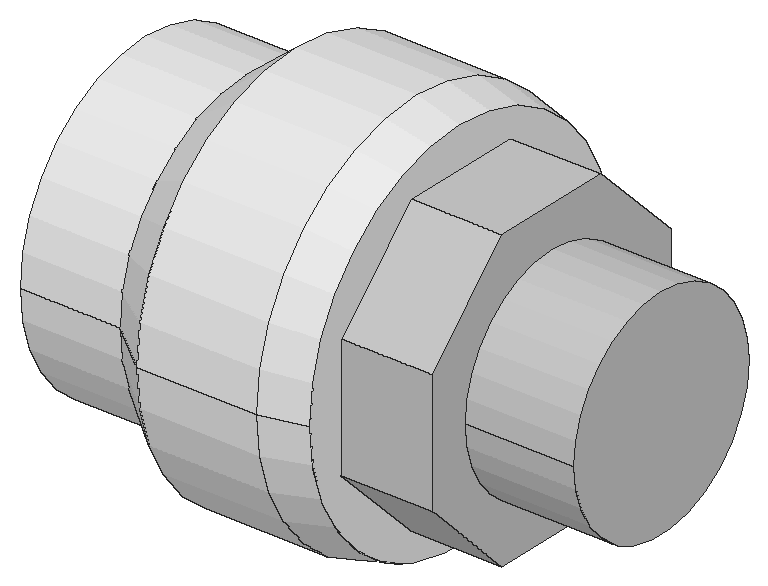
Revit family "PF_Переход [фитинг полипропиленовый под ключ с переходом на наружную резьбу VTp.707.0]1 - VALTEC", category Соединительные детали трубопроводов, Revit 2019
Family settings
  Размер круглого соединителя = Использовать диаметр
  Тип детали = Переход
  На основе рабочей плоскости = Нет
  Всегда вертикально = Да
  При загрузке вырезать с полостями = Нет
  Общий = Нет
Parameters (values of type "VTp.707.0")
  Таблица = "PF_Переход [фитинг полипропиленовый под ключ с переходом на наружную резьбу VTp.707.0] - VALTEC"  # constant formula
  built-in parameter 1114238 [instance] = (empty or 0)
  Материал доп.1 = Сталь, нержавеющая - VALTEC
  Manufacturer = ""
  y2 [instance] = size_lookup(Таблица, "y2", 0 mm, d1, d2)  # 20.25 mm
  y1 [instance] = size_lookup(Таблица, "y1", 0 mm, d1, d2)  # 35.25 mm
  l3 [instance] = size_lookup(Таблица, "l3", 0 mm, d1, d2)  # 0 mm
  l2 [instance] = size_lookup(Таблица, "l2", 0 mm, d1, d2)  # 15 mm
  l1 [instance] = size_lookup(Таблица, "l1", 0 mm, d1, d2)  # 0 mm
  x2 [instance] = if(dn1 < dn5, 1 mm, dn3)  # 1 mm
  dn7 [instance] = size_lookup(Таблица, "dn7", 0 mm, d1, d2)  # 29.8 mm
  dn6 [instance] = size_lookup(Таблица, "dn6", 0 mm, d1, d2)  # 40.7 mm
  dn5 [instance] = size_lookup(Таблица, "dn5", 0 mm, d1, d2)  # 51.5 mm
  dn4 [instance] = size_lookup(Таблица, "dn4", 0 mm, d1, d2)  # 54.5 mm
  dn3 [instance] = size_lookup(Таблица, "dn3", 0 mm, d1, d2)  # 54.5 mm
  dn2 [instance] = size_lookup(Таблица, "dn2", 0 mm, d1, d2)  # 43 mm
  x1 [instance] = if(dn1 < dn5, dn3, 1 mm)  # 54.5 mm
  dn1 [instance] = size_lookup(Таблица, "dn1", 0 mm, d1, d2)  # 43 mm
  d2 [instance] = 25 mm
  d1 [instance] = 32 mm
  a6 [instance] = size_lookup(Таблица, "a6", 0 mm, d1, d2)  # 15 mm
  a5 [instance] = size_lookup(Таблица, "a5", 0 mm, d1, d2)  # 12.5 mm
  a4 [instance] = size_lookup(Таблица, "a4", 0 mm, d1, d2)  # 6 mm
  a3 [instance] = size_lookup(Таблица, "a3", 0 mm, d1, d2)  # 16.5 mm
  a2 [instance] = size_lookup(Таблица, "a2", 0 mm, d1, d2)  # 6.9 mm
  a1 [instance] = size_lookup(Таблица, "a1", 0 mm, d1, d2)  # 13.6 mm
  URL = "https://valtec.ru/"
  B [instance] = size_lookup(Таблица, "B", 0 mm, d1, d2)  # 20.5 mm
  ADSK_Примечание [instance] = ""
  ADSK_Позиция [instance] = ""
  ADSK_Обозначение [instance] = "VTp.707.0"  # constant formula
  ADSK_Наименование [instance] = size_lookup(Таблица, "", "Данный типоразмер отсутствует", d1, d2)  # "Фитинг полипропиленовый под ключ с переходом на наружную резьбу, 32 мм х 1\""
  ADSK_Материал = Полипропилен - RGB 255 255 255
  ADSK_Масса [instance] = size_lookup(Таблица, "Масса", 0, d1, d2)  # 0.177
  ADSK_Марка [instance] = size_lookup(Таблица, "Маркировка", "Данный типоразмер отсутствует", d1, d2)  # "32х1\""
  ADSK_Код изделия [instance] = size_lookup(Таблица, "Код продукта", "Данный типоразмер отсутствует", d1, d2)  # "VTp.707.0.03206"
  ADSK_Завод-изготовитель [instance] = "VALTEC"  # constant formula
  ADSK_Единица измерения [instance] = "шт."  # constant formula
  ADSK_URL страницы изделия = "https://valtec.ru/catalog/sistemy_polipropilenovyh_truboprovodov/polipropilenovye_fitingi/fiting_polipropilenovyj_pod_klyuch_s_perehodom_na_narujnuyu_rezbu_vtp7070.html"
  ADSK_URL документации изделия = "https://valtec.ru/document/technical/VTp.700-fitingi-0419.pdf"
  A [instance] = size_lookup(Таблица, "A", 0 mm, d1, d2)  # 70.5 mm
Reference planes
  plane 1 "По центру (Вперед/Назад)": y = 0
  plane 2: z = 0
  plane 3 "По центру (Влево/Вправо)": x = 0
  plane 4: x = -35.25
  plane 5: x = 35.25
  plane 6: y = -27.25
  plane 7: y = 27.25
  plane 8: y = -0.5
  plane 9: y = 0.5
  plane 10: x = -35.25
  plane 11: x = -21.65
  plane 12: x = -14.75
  plane 13: x = 1.75
  plane 14: x = 7.75
  plane 15: x = 20.25
  plane 16: x = 7.75
  plane 17: x = 35.25
  plane 18: x = 20.25
  plane 19: x = -35.25
  plane 20: x = 20.25
Forms (mm)
  Blend 1, solid, material "Полипропилен - RGB 255 255 255" <- "ADSK_Материал", detail levels medium+fine
    base sketch origin (0, 0, 0) x (0, 1, 0) y (0, 0, 1)
      loop
        circle (0, 0) r 21.5
    top sketch origin (0, 0, 0) x (0, 1, 0) y (0, 0, 1)
      loop
        circle (0, 0) r 21.5
    from -35.25 to -21.65
  Blend 2, solid, material "Полипропилен - RGB 255 255 255" <- "ADSK_Материал", detail levels medium+fine
    base sketch origin (0, 0, 0) x (0, 1, 0) y (0, 0, 1)
      loop
        circle (0, 0) r 21.5
    top sketch origin (0, 0, 0) x (0, 1, 0) y (0, 0, 1)
      loop
        circle (0, 0) r 27.25
    from -21.65 to -14.75
  Blend 3, solid, material "Полипропилен - RGB 255 255 255" <- "ADSK_Материал", detail levels medium+fine
    base sketch origin (0, 0, 0) x (0, 1, 0) y (0, 0, 1)
      loop
        circle (0, 0) r 27.25
    top sketch origin (0, 0, 0) x (0, 1, 0) y (0, 0, 1)
      loop
        circle (0, 0) r 27.25
    from -14.75 to 1.75
  Blend 4, solid, material "Полипропилен - RGB 255 255 255" <- "ADSK_Материал", detail levels medium+fine
    base sketch origin (0, 0, 0) x (0, 1, 0) y (0, 0, 1)
      loop
        circle (0, 0) r 27.25
    top sketch origin (0, 0, 0) x (0, 1, 0) y (0, 0, 1)
      loop
        circle (0, 0) r 25.75
    from 1.75 to 7.75
  Extrusion 5, solid, material "Сталь, нержавеющая - VALTEC" <- "Материал доп.1", detail levels medium+fine
    sketch origin (0, 0, 0) x (0, 1, 0) y (0, 0, 1)
      loop
        circle (0, 0) r 14.9
    from 20.25 to 35.25
Cuts and joins
  joined: Blend 1, Blend 2, Blend 3, Blend 4
Lines and regions (mm)
  model lines, detail levels coarse
    curve 1: line (-35.25, 27.25, 0) -> (-35.25, -27.25, 0)
    curve 2: line (20.25, 0.5, 0) -> (20.25, -0.5, 0)
    curve 3: line (20.25, 0.5, 0) -> (-35.25, 27.25, 0)
    curve 4: line (-35.25, -27.25, 0) -> (20.25, -0.5, 0)
    curve 6: line (20.25, 0, 0) -> (35.25, 0, 0)
  reference lines
    curve 5: line (20.25, 0, 0) -> (-35.25, 0, 0)
Dimensions and locks
  equal spacing: plane 4, plane 3 "По центру (Влево/Вправо)", plane 5
  "A": plane 4 to plane 5
  equal spacing: plane 7, plane 1 "По центру (Вперед/Назад)", plane 6
  "x1": plane 7 to plane 6
  equal spacing: plane 8, plane 1 "По центру (Вперед/Назад)", plane 9
  "x2": plane 8 to plane 9
  "a1": plane 10 to plane 11
  "a2": plane 11 to plane 12
  "a3": plane 12 to plane 13
  "a4": plane 13 to plane 14
  "l1": plane 4 to plane 10
  "l2": plane 15 to plane 5
  "a5": plane 16 to plane 15
  "a6": plane 18 to plane 17
  "l3": plane 17 to plane 5
  "y1": plane 19 to plane 3 "По центру (Влево/Вправо)"
  "y2": plane 3 "По центру (Влево/Вправо)" to plane 20
  "dn1": diameter of Blend 1 sketch curve
  "dn2": diameter of Blend 1 sketch curve
  "dn2": diameter of Blend 2 sketch curve
  "dn3": diameter of Blend 2 sketch curve
  "dn3": diameter of Blend 3 sketch curve
  "dn4": diameter of Blend 3 sketch curve
  "dn4": diameter of Blend 4 sketch curve
  "dn5": diameter of Blend 4 sketch curve
  "dn7": diameter of Extrusion 5 sketch curve
  aligned and locked: level to plane 2
  aligned and locked: level to Blend 1 sketch curve  (x2)
  aligned and locked: plane 1 "По центру (Вперед/Назад)" to Blend 1 sketch curve  (x2)
  aligned and locked: plane 11 to Blend 1
  aligned and locked: Blend 1 to plane 10
  aligned and locked: level to Blend 2 sketch curve  (x2)
  aligned and locked: plane 1 "По центру (Вперед/Назад)" to Blend 2 sketch curve  (x2)
  aligned and locked: Blend 2 to plane 11
  aligned and locked: plane 12 to Blend 2
  aligned and locked: level to Blend 3 sketch curve  (x2)
  aligned and locked: plane 1 "По центру (Вперед/Назад)" to Blend 3 sketch curve  (x2)
  aligned and locked: Blend 3 to plane 12
  aligned and locked: plane 13 to Blend 3
  aligned and locked: level to Blend 4 sketch curve  (x2)
  aligned and locked: plane 1 "По центру (Вперед/Назад)" to Blend 4 sketch curve  (x2)
  aligned and locked: Blend 4 to plane 13
  aligned and locked: plane 14 to Blend 4
  aligned and locked: plane 7 to curve 3
  aligned and locked: plane 6 to curve 1
  aligned and locked: level to nested 1
  aligned and locked: nested 1 to plane 1 "По центру (Вперед/Назад)"
  aligned and locked: curve 5 to plane 1 "По центру (Вперед/Назад)"
  aligned and locked: plane 15 to nested 1
  aligned and locked: level to Extrusion 5 sketch curve
  aligned and locked: plane 1 "По центру (Вперед/Назад)" to Extrusion 5 sketch curve
  aligned and locked: Extrusion 5 to plane 18
  aligned and locked: plane 17 to Extrusion 5
  aligned and locked: plane 20 to curve 5
  aligned and locked: plane 19 to curve 5
  aligned and locked: plane 19 to curve 4
  aligned and locked: curve 1 to plane 19
  aligned and locked: plane 8 to curve 4
  aligned and locked: plane 20 to curve 4
  aligned and locked: plane 20 to curve 3
  aligned and locked: plane 9 to curve 3
  aligned and locked: plane 17 to curve 6
  aligned and locked: plane 18 to curve 6
  aligned and locked: plane 1 "По центру (Вперед/Назад)" to curve 6
Nested families
  nested 1: "Гайка - горизонталь" at (14, 0, 0) x (1, 0, 0) z (0, 0.9239, 0.3827), l <- "a5", d <- "dn6", ADSK_Материал <- "Материал доп.1", type "Гайка - горизонталь", detail levels medium+fine
    with l 12.5 mm, d 40.7 mm, ADSK_Материал Сталь, нержавеющая - VALTEC
Connectors
  piping at (-35.25, 0, 0), diameter 32, driven by "d1"
    settings: on curve 5, index 1, connector inside diameter 609.6 mm, connector length 0 mm, flow factor 0, pipe flow 0.0 L/s, pressure drop 0.0 Pa, fitting loss kfactor 0, connector angle 0.00°, fixture units 0, engagement length 0 mm, angle of deflection 0.00°, flow configuration 0, flow direction 0, fitting loss method 0, system type 28, joint type 0, gender type 0, connector reference index 2, connector utility 0, adjustable connector no, is connector primary yes, connector description ""
  piping at (20.25, 0, 0), diameter 25, driven by "d2"
    settings: on curve 5, index 2, connector inside diameter 609.6 mm, connector length 0 mm, flow factor 0, pipe flow 0.0 L/s, pressure drop 0.0 Pa, fitting loss kfactor 0, connector angle 0.00°, fixture units 0, engagement length 0 mm, angle of deflection 0.00°, flow configuration 0, flow direction 0, fitting loss method 0, system type 28, joint type 0, gender type 0, connector reference index 1, connector utility 0, adjustable connector no, is connector primary no, connector description ""
Definition of nested family "Гайка - горизонталь"
  Parameters (values of type "Гайка - горизонталь")
    d [instance] = 588.881 mm
    l [instance] = 637.4 mm
    ADSK_Материал [instance] = none
  Reference planes
    plane 1 "По центру (Вперед/Назад)": y = 0
    plane 2: z = 0
    plane 3 "По центру (Влево/Вправо)": x = 0
    plane 4: y = 318.7
    plane 5: y = -318.7
    plane 6: through (0, -912.519, 2972.425) normal (0, -0.9239, -0.3827)
    plane 7: through (0, -1234.338, 2979.956) normal (0, -0.9239, -0.3827)
    plane 8: through (0, -1556.157, 2987.486) normal (0, -0.9239, -0.3827)
    plane 9: through (0, 1234.338, 2979.956) normal (0, -0.9239, 0.3827)
    plane 10: through (0, -2420.114, 1321.144) normal (0, -0.3827, -0.9239)
    plane 11: through (0, -2532.792, 1049.117) normal (0, -0.3827, -0.9239)
    plane 12: through (0, -2645.469, 777.089) normal (0, -0.3827, -0.9239)
    plane 13: through (0, 2420.114, 1321.144) normal (0, -0.3827, 0.9239)
    plane 14: through (0, 2532.792, 1049.117) normal (0, -0.3827, 0.9239)
    plane 15: through (0, 2645.469, 777.089) normal (0, -0.3827, 0.9239)
    plane 16: through (0, 912.519, 2972.425) normal (0, -0.9239, 0.3827)
    plane 17: through (0, 1234.338, 2979.956) normal (0, -0.9239, 0.3827)
    plane 18: through (0, 1556.157, 2987.486) normal (0, -0.9239, 0.3827)
    plane 19: x = 318.7
    plane 20: x = -318.7
  Forms (mm)
    Extrusion 1, solid, material <- "ADSK_Материал"
      sketch origin (0, 0, 0) x (0, 1, 0) y (0, 0, 1)
        loop
          line (0, 318.7) -> (-225.355, 225.355) -> (-318.7, 0) -> (-225.355, -225.355) -> (0, -318.7) -> (225.355, -225.355) -> (318.7, 0) -> (225.355, 225.355) -> (0, 318.7)
      from -318.7 to 318.7
  Lines and regions (mm)
    reference lines
      curve 1: line (0, -112.677, -272.027) -> (0, 112.677, 272.027)
      curve 2: line (0, -272.027, 112.677) -> (0, 272.027, -112.677)
  Dimensions and locks
    equal spacing: plane 4, plane 1 "По центру (Вперед/Назад)", plane 5
    locked: plane 4 to plane 5 at 637.4
    equal spacing: plane 8, plane 7, plane 6
    "d": plane 8 to plane 6
    equal spacing: plane 12, plane 11, plane 10
    "d": plane 12 to plane 10
    equal spacing: plane 15, plane 14, plane 13
    "d": plane 15 to plane 13
    equal spacing: plane 18, plane 17, plane 16
    "d": plane 18 to plane 16
    equal spacing: plane 20, plane 3 "По центру (Влево/Вправо)", plane 19
    "l": plane 20 to plane 19
    aligned and locked: level to plane 2
    aligned and locked: plane 10 to Extrusion 1 sketch curve
    aligned and locked: plane 13 to Extrusion 1 sketch curve
    aligned and locked: plane 16 to Extrusion 1 sketch curve
    aligned and locked: Extrusion 1 sketch curve to plane 8
    aligned and locked: Extrusion 1 sketch curve to plane 12
    aligned and locked: Extrusion 1 sketch curve to plane 15
    aligned and locked: Extrusion 1 sketch curve to plane 18
    aligned and locked: plane 6 to Extrusion 1 sketch curve
    aligned and locked: plane 19 to Extrusion 1
    aligned and locked: plane 20 to Extrusion 1
    aligned and locked: Extrusion 1 to plane 19
    aligned and locked: plane 16 to curve 2
    aligned and locked: plane 18 to curve 2
    aligned and locked: curve 2 to plane 11
    aligned and locked: plane 12 to curve 1
    aligned and locked: plane 10 to curve 1
    aligned and locked: curve 1 to plane 17
